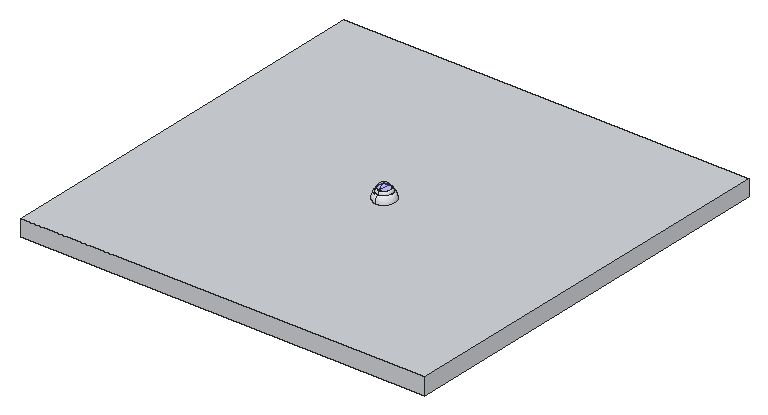
Revit family "BEG-92730", category Dispositifs d'éclairage, Revit 2015
Parameters
  Detection zone [instance] = yes
  Seat area [instance] = Height position < 351 cm  # yes
  URL = "http://www.luxomat.com/en-92730"
  Type of output = "DIM (50 ballast max)"
  Ambiant temperature = "-25°C to +50°C"
  Ref = "92730"
  Relay = "16A"
  Height position [instance] = 250 cm
  Direct Range [instance] = Height position * 3.2  # 800 cm
  Transversal range [instance] = Height position * 9.6  # 2400 cm
  Modèle = "PD4-TRIO-DIM-SM"
  Installation type = "Ceiling"
  Brand = "LUXOMAT"
  Image du type = 92730.jpg
  IP = "20"
  Mounting height max = Installation height max  # 350 cm
  Installation height max = 350 cm
  Fabricant = "B.E.G"
  Label [instance] = yes
  Default Elevation = 0 cm
  Consumption = "0,60W"
  Commentaires du type = "Occupancy detector PD4-TRIO-DIM-SM"
  Code d'assemblage = "D5010200"
  Class = "2"
  Switching power LED = "300W"
  Switching power Cos ɸ =1 = "3000W"
  Switching power Cos ɸ =0,5 = "1500VA"
  Power voltage = "110-240 V AC"
  Seated activity [instance] = Height position * 2.56  # 640 cm
Reference planes (cm)
  plane 1 "Centre (avant/arrière)": y = 0
  plane 2: z = 0
  plane 3 "Centre (gauche/droite)": x = 0
Forms (cm)
  Extrusion 1, solid
    sketch origin (0, 0, 0) x (1, 0, 0) y (0, 1, 0)
      loop
        line (-121.92, 121.92) -> (-121.92, -121.92) -> (121.92, -121.92) -> (121.92, 121.92) -> (-121.92, 121.92)
    from 0 to -10
Dimensions and locks (cm)
  aligned and locked: plane 2 to Extrusion 1
  aligned and locked: level to Extrusion 1
  aligned and locked: nested 2 to plane 2
Nested families (cm)
  nested 1: "Famille1" at (0, -72.6659, 0) x (-1, 0, 0) z (0, 0, 1), reference <- "Ref", modele <- "Modèle", visible <- "Label", type "Famille1"
    with reference "92730", modele "PD4-TRIO-DIM-SM"
  nested 2: "M17" at (0, 0, 0), type "Standard"
  nested 3: "zone H" at (0, 0, 0) x (-1, 0, 0) z (0, 0, 1), visible <- "Detection zone", biais <- "Transversal range", frontal <- "Direct Range", activité assise <- "Seated activity", Zone assise <- "Seat area", type "zone H"
    with position 2 320 cm, position 1 960 cm, frontal 800 cm, biais 2400 cm, activité assise 640 cm, Zone assise yes
  nested 4: "Plafond 360° 2D" at (0, 0, 0), type "Plafond 360° 2D"
Connectors (cm)
  electrical at (0, 0, 0)
    settings: on nested 2, index 1, voltage 240 V, apparent load 0 VA, apparent load phase1 0 VA, apparent load phase2 0 VA, apparent load phase3 0 VA, power factor 1, load classification "Eclairage", number of poles 1, system type 31, power factor state 1, is connector primary yes, connector utility no, sub classification motor no, connector description ""
Definition of nested family "M17"
  Reference planes (cm)
    plane 1 "Centre (avant/arrière)": y = 0
    plane 2: z = 0
    plane 3 "Centre (gauche/droite)": x = 0
    plane 4: x = 0
  Forms (cm)
    Revolve 1, solid
      sketch origin (0, 0, 0) x (0, -1, 0) y (0, 0, 1)
        loop
          line (0, 0) -> (0, 5.75) -> (-3.85, 5.75)
          arc (-3.85, 5.75) -> (-4.2917, 5.0342) -> (-4.4, 4.2) r 2
          line (-4.4, 4.2) -> (-5.05, 4.2)
          arc (-5.05, 4.2) -> (-6.0341, 2.212) -> (-6.2, 0) r 5.8
          line (-6.2, 0) -> (0, 0)
        axis (0, 0) -> (0, 5.75)
      angle from 0 to 360
    Revolve 2, solid
      sketch origin (0, 0, 0) x (0, -1, 0) y (0, 0, 1)
        loop
          arc (0, 8.5) -> (-2.2453, 7.7321) -> (-3.55, 5.75) r 3.6664
          line (-3.55, 5.75) -> (0, 5.75) -> (0, 8.5)
        axis (0, 5.75) -> (0, 8.5)
      angle from 0 to 360
  Lines and regions (cm)
    reference lines
      curve 1: line (0, 0, 0) -> (0, 0, 8.5)
      curve 2: line (0, 0, 5.75) -> (0, 3.85, 5.75)
      curve 3: arc (0, 3.85, 5.75) -> (0, 4.2917, 5.0342) -> (0, 4.4, 4.2) r 2
      curve 4: line (0, 4.4, 4.2) -> (0, 5.05, 4.2)
      curve 5: arc (0, 5.05, 4.2) -> (0, 6.0341, 2.212) -> (0, 6.2, 0) r 5.8
      curve 6: line (0, 0, 0) -> (0, 6.2, 0)
      curve 7: arc (0, 0, 8.5) -> (0, 2.2453, 7.7321) -> (0, 3.55, 5.75) r 3.6664
      curve 8: line (0, 3.55, 5.75) -> (0, 0, 5.75)
      curve 9: line (0, 0, 8.5) -> (0, 0, 5.75)
      curve 10: line (0, 0, 0) -> (0, 0, 8.5)
  Dimensions and locks (cm)
    aligned and locked: level to plane 2
    aligned and locked: Revolve 1 sketch curve to curve 1  (x2)
    aligned and locked: Revolve 1 sketch curve to curve 2
    aligned and locked: Revolve 1 sketch curve to curve 3
    aligned and locked: Revolve 1 sketch curve to curve 4
    aligned and locked: Revolve 1 sketch curve to curve 5
    aligned and locked: Revolve 1 sketch curve to curve 6
    aligned and locked: Revolve 2 sketch curve to curve 7
    aligned and locked: Revolve 2 sketch curve to curve 8
    aligned and locked: Revolve 2 sketch curve to curve 9
    aligned and locked: Revolve 2 sketch curve to curve 10
Definition of nested family "Famille1"
  Parameters (values of type "Famille1")
    reference [instance] = ""
    modele [instance] = ""
  Reference planes (cm)
    plane 1: y = 0
    plane 2: x = 0
  Text (cm)
    label "reference\n\nmodele" at (0.0074, 0.0451, 0), shows "reference", "modele"
Definition of nested family "zone H"
  Parameters (values of type "zone H")
    position 2 [instance] = (frontal / 2) * 0.8  # 320 cm
    position 1 [instance] = (biais / 2) * 0.8  # 960 cm
    frontal [instance] = 800 cm
    biais [instance] = 2400 cm
    activité assise [instance] = 640 cm
    Zone assise [instance] = yes
  Reference planes (cm)
    plane 1 "Centre (avant/arrière)": y = 0
    plane 2: z = 0
    plane 3 "Centre (gauche/droite)": x = 0
    plane 4: x = -960
    plane 5: y = -320
  Lines and regions (cm)
    detail lines, in view "Niveau de réf.", visible <- "Zone assise"
      curve 1: circle (0, 0, 0) r 320 normal (0, 0, 1)
      curve 4: spline (-105.2767, 3.2118, 0) -> (-104.9106, 3.0586, 0) -> (-103.8375, 2.9158, 0) -> (-102.1303, 2.7932, 0) -> (-99.9055, 2.6991, 0) -> (-97.3146, 2.6399, 0) -> (-94.5343, 2.6198, 0) -> (-91.7539, 2.6399, 0) -> (-89.163, 2.6991, 0) -> (-86.9382, 2.7932, 0) -> (-85.231, 2.9158, 0) -> (-84.1579, 3.0586, 0) -> (-83.7918, 3.2118, 0) -> (-84.1579, 3.365, 0) -> (-85.231, 3.5078, 0) -> (-86.9382, 3.6305, 0) -> (-89.163, 3.7245, 0) -> (-91.7539, 3.7837, 0) -> (-94.5343, 3.8039, 0) -> (-97.3146, 3.7837, 0) -> (-99.9055, 3.7245, 0) -> (-102.1303, 3.6305, 0) -> (-103.8375, 3.5078, 0) -> (-104.9106, 3.365, 0) -> (-105.2767, 3.2118, 0)
      curve 5: line (-105.2767, 3.2118, 0) -> (-103.7271, 3.5181, 0)
      curve 6: arc (-102.6495, -16.5888, 0) -> (-107.2915, -17.186, 0) -> (-111.6311, -18.9388, 0) r 18.3388
      curve 7: arc (-111.6311, -18.9388, 0) -> (-111.6982, -19.0046, 0) -> (-111.7229, -19.0953, 0) r 0.1799
      curve 8: arc (-102.4571, -17.1805, 0) -> (-106.7473, -17.5804, 0) -> (-110.8538, -18.8852, 0) r 20.1051
      curve 9: arc (-110.8538, -18.8852, 0) -> (-111.0396, -18.979, 0) -> (-111.2122, -19.0953, 0) r 1.6679
      curve 10: circle (-111.4676, -19.8292, 0) r 0.5096 normal (0, 0, 1)
      curve 11: arc (-110.898, -19.8292, 0) -> (-111.4676, -19.2597, 0) -> (-112.0372, -19.8292, 0) r 0.5696
      curve 12: arc (-110.838, -19.8292, 0) -> (-111.4676, -19.1997, 0) -> (-112.0972, -19.8292, 0) r 0.6296
      curve 13: arc (-86.4191, -16.5888, 0) -> (-81.7771, -17.186, 0) -> (-77.4374, -18.9388, 0) r 18.3388
      curve 14: arc (-77.4374, -18.9388, 0) -> (-77.3704, -19.0046, 0) -> (-77.3456, -19.0953, 0) r 0.1799
      curve 15: arc (-86.6114, -17.1805, 0) -> (-82.3212, -17.5804, 0) -> (-78.2147, -18.8852, 0) r 20.1051
      curve 16: arc (-78.2147, -18.8852, 0) -> (-78.0289, -18.979, 0) -> (-77.8563, -19.0953, 0) r 1.6679
      curve 17: circle (-77.6009, -19.8292, 0) r 0.5096 normal (0, 0, 1)
      curve 18: arc (-77.0314, -19.8292, 0) -> (-77.6009, -19.2597, 0) -> (-78.1705, -19.8292, 0) r 0.5696
      curve 19: arc (-76.9714, -19.8292, 0) -> (-77.6009, -19.1997, 0) -> (-78.2305, -19.8292, 0) r 0.6296
      curve 20: arc (-95.2593, -16.5888, 0) -> (-98.9871, -17.441, 0) -> (-102.5056, -18.9388, 0) r 21.5424
      curve 21: arc (-102.5056, -18.9388, 0) -> (-102.5726, -19.0046, 0) -> (-102.5974, -19.0953, 0) r 0.1799
      curve 22: arc (-95.2593, -17.1805, 0) -> (-98.5536, -17.8061, 0) -> (-101.7283, -18.8852, 0) r 23.9713
      curve 23: arc (-101.7283, -18.8852, 0) -> (-101.911, -18.9772, 0) -> (-102.081, -19.0909, 0) r 1.6679
      curve 24: arc (-95.0229, -17.1805, 0) -> (-98.2689, -17.8294, 0) -> (-101.4063, -18.8852, 0) r 26.0219
      curve 25: arc (-101.4063, -18.8852, 0) -> (-101.592, -18.979, 0) -> (-101.7647, -19.0953, 0) r 1.6679
      curve 26: circle (-102.181, -19.8292, 0) r 0.5096 normal (0, 0, 1)
      curve 27: arc (-101.6114, -19.8292, 0) -> (-102.181, -19.2597, 0) -> (-102.7506, -19.8292, 0) r 0.5696
      curve 28: arc (-101.5514, -19.8292, 0) -> (-102.181, -19.1997, 0) -> (-102.8106, -19.8292, 0) r 0.6296
      curve 29: arc (-93.8092, -16.5888, 0) -> (-90.0814, -17.441, 0) -> (-86.5629, -18.9388, 0) r 21.5424
      curve 30: arc (-86.5629, -18.9388, 0) -> (-86.4959, -19.0046, 0) -> (-86.4711, -19.0953, 0) r 0.1799
      curve 31: arc (-93.8092, -17.1805, 0) -> (-90.5149, -17.8061, 0) -> (-87.3402, -18.8852, 0) r 23.9713
      curve 32: arc (-87.3402, -18.8852, 0) -> (-87.1544, -18.979, 0) -> (-86.9818, -19.0953, 0) r 1.6679
      curve 33: arc (-94.0457, -17.1805, 0) -> (-90.7996, -17.8294, 0) -> (-87.6622, -18.8852, 0) r 26.0219
      curve 34: arc (-87.6622, -18.8852, 0) -> (-87.4765, -18.979, 0) -> (-87.3039, -19.0953, 0) r 1.6679
      curve 35: circle (-86.8875, -19.8292, 0) r 0.5096 normal (0, 0, 1)
      curve 36: arc (-86.3179, -19.8292, 0) -> (-86.8875, -19.2597, 0) -> (-87.4571, -19.8292, 0) r 0.5696
      curve 37: arc (-86.2579, -19.8292, 0) -> (-86.8875, -19.1997, 0) -> (-87.5171, -19.8292, 0) r 0.6296
      curve 38: arc (-103.0079, 8.8705, 0) -> (-101.8776, 5.8173, 0) -> (-98.8653, 4.5819, 0) r 4.0512
      curve 39: arc (-83.7186, 4.2269, 0) -> (-82.9538, 3.7817, 0) -> (-82.7946, 2.9112, 0) r 1.0582
      curve 40: arc (-82.7946, 2.9112, 0) -> (-84.0889, -6.227, 0) -> (-84.0703, -15.4564, 0) r 64.7189
      curve 41: arc (-84.0703, -15.4564, 0) -> (-83.933, -16.0031, 0) -> (-83.4527, -16.2981, 0) r 0.7467
      curve 42: arc (-83.4527, -16.2981, 0) -> (-80.3714, -16.8717, 0) -> (-77.238, -16.9405, 0) r 19.3577
      curve 43: arc (-77.238, -16.9405, 0) -> (-77.6363, -16.4391, 0) -> (-78.2461, -16.244, 0) r 1.1013
      curve 44: arc (-78.2461, -16.244, 0) -> (-80.4274, -15.8096, 0) -> (-82.5587, -15.1742, 0) r 23.8747
      curve 45: arc (-82.5587, -15.1742, 0) -> (-81.6045, -6.5488, 0) -> (-80.848, 2.0961, 0) r 379.1961
      curve 46: arc (-80.848, 2.0961, 0) -> (-81.0708, 4.8418, 0) -> (-83.0581, 6.7494, 0) r 3.8846
      curve 47: arc (-83.0581, 6.7494, 0) -> (-89.2141, 8.8147, 0) -> (-95.6542, 9.6431, 0) r 33.2193
      curve 48: arc (-95.6542, 9.6431, 0) -> (-94.8516, 17.305, 0) -> (-94.8609, 25.0089, 0) r 72.9952
      curve 49: arc (-95.1116, 28.28, 0) -> (-95.2196, 29.2958, 0) -> (-95.3418, 30.31, 0) r 72.9952
      curve 50: arc (-98.1747, 30.0752, 0) -> (-100.3426, 29.2913, 0) -> (-99.4886, 27.1501, 0) r 1.6042
      curve 51: arc (-95.3418, 30.31, 0) -> (-98.7298, 32.2574, 0) -> (-102.1179, 30.31, 0) r 3.9209
      curve 52: arc (-68.8418, 20.3177, 0) -> (-68.8537, 20.2265, 0) -> (-68.9411, 20.2549, 0) r 0.0597
      curve 53: arc (-70.9776, 20.5408, 0) -> (-70.9496, 20.3832, 0) -> (-71.1082, 20.3621, 0) r 0.1108
      curve 54: spline (-98.8908, 41.6409, 0) -> (-97.9793, 41.5103, 0) -> (-97.1229, 41.0855, 0) -> (-96.38, 40.3954, 0) -> (-95.8012, 39.4871, 0) -> (-95.426, 38.4224, 0) -> (-95.2799, 37.274, 0) -> (-95.3728, 36.12, 0) -> (-95.6985, 35.0392, 0) -> (-96.2348, 34.1051, 0) -> (-96.945, 33.3815, 0) -> (-97.7809, 32.9176, 0) -> (-98.6854, 32.7451, 0) -> (-99.5969, 32.8757, 0) -> (-100.4532, 33.3005, 0) -> (-101.1961, 33.9906, 0) -> (-101.7749, 34.8989, 0) -> (-102.1502, 35.9636, 0) -> (-102.2963, 37.112, 0) -> (-102.2033, 38.266, 0) -> (-101.8776, 39.3468, 0) -> (-101.3414, 40.2809, 0) -> (-100.6311, 41.0045, 0) -> (-99.7953, 41.4684, 0) -> (-98.8908, 41.6409, 0)
      curve 55: line (-74.1608, -20.3388, 0) -> (-33.3759, -20.3388, 0)
      curve 56: line (-33.3759, -20.3388, 0) -> (-33.3759, 18.6681, 0)
      curve 57: line (-33.3759, 18.6681, 0) -> (-74.1608, 18.6681, 0)
      curve 58: line (-74.1608, 18.6681, 0) -> (-74.1608, -20.3388, 0)
      curve 59: line (-74.1608, -20.3388, 0) -> (-120.7181, -20.3388, 0)
      curve 60: line (-80.1025, 18.6681, 0) -> (-27.4342, 18.6681, 0)
      curve 61: line (-27.4342, 18.6681, 0) -> (-27.4342, 20.1345, 0)
      curve 62: line (-27.4342, 20.1345, 0) -> (-80.1025, 20.1345, 0)
      curve 63: line (-80.1025, 20.1345, 0) -> (-80.1025, 18.6681, 0)
      curve 64: line (-95.5223, 2.6198, 0) -> (-93.5462, 2.6198, 0)
      curve 65: line (-93.5462, 2.6198, 0) -> (-93.5462, -16.5888, 0)
      curve 66: line (-93.5462, -16.5888, 0) -> (-95.5223, -16.5888, 0)
      curve 67: line (-95.5223, -16.5888, 0) -> (-95.5223, 2.6198, 0)
      curve 68: line (-95.5223, -16.5888, 0) -> (-102.6495, -16.5888, 0)
      curve 69: line (-111.7229, -19.0953, 0) -> (-111.2122, -19.0953, 0)
      curve 70: line (-93.8092, -16.5888, 0) -> (-94.0457, -17.1805, 0)
      curve 71: line (-94.0457, -17.1805, 0) -> (-93.8092, -17.1805, 0)
      curve 72: line (-93.8092, -17.1805, 0) -> (-94.5343, -17.1805, 0)
      curve 73: line (-94.5343, -17.1805, 0) -> (-95.2593, -17.1805, 0)
      curve 74: line (-95.2593, -17.1805, 0) -> (-95.0229, -17.1805, 0)
      curve 75: line (-95.0229, -17.1805, 0) -> (-95.2593, -16.5888, 0)
      curve 76: line (-98.1226, -17.1805, 0) -> (-102.4571, -17.1805, 0)
      curve 77: line (-112.0372, -19.8292, 0) -> (-112.0972, -19.8292, 0)
      curve 78: line (-110.898, -19.8292, 0) -> (-110.838, -19.8292, 0)
      curve 79: line (-111.3676, -19.2076, 0) -> (-111.3676, -19.0953, 0)
      curve 80: line (-111.5676, -19.2076, 0) -> (-111.5676, -19.0953, 0)
      curve 81: line (-93.5462, -16.5888, 0) -> (-86.4191, -16.5888, 0)
      curve 82: line (-77.3456, -19.0953, 0) -> (-77.8563, -19.0953, 0)
      curve 83: line (-90.9459, -17.1805, 0) -> (-86.6114, -17.1805, 0)
      curve 84: line (-77.0314, -19.8292, 0) -> (-76.9714, -19.8292, 0)
      curve 85: line (-78.1705, -19.8292, 0) -> (-78.2305, -19.8292, 0)
      curve 86: line (-77.7009, -19.2076, 0) -> (-77.7009, -19.0953, 0)
      curve 87: line (-77.5009, -19.2076, 0) -> (-77.5009, -19.0953, 0)
      curve 88: line (-102.5974, -19.0953, 0) -> (-101.7647, -19.0953, 0)
      curve 89: line (-102.7506, -19.8292, 0) -> (-102.8106, -19.8292, 0)
      curve 90: line (-101.6114, -19.8292, 0) -> (-101.5514, -19.8292, 0)
      curve 91: line (-102.081, -19.2076, 0) -> (-102.081, -19.0909, 0)
      curve 92: line (-102.281, -19.2076, 0) -> (-102.281, -19.0953, 0)
      curve 93: line (-86.4711, -19.0953, 0) -> (-87.3039, -19.0953, 0)
      curve 94: line (-86.3179, -19.8292, 0) -> (-86.2579, -19.8292, 0)
      curve 95: line (-87.4571, -19.8292, 0) -> (-87.5171, -19.8292, 0)
      curve 96: line (-86.9875, -19.2076, 0) -> (-86.9875, -19.0953, 0)
      curve 97: line (-86.7875, -19.2076, 0) -> (-86.7875, -19.0953, 0)
      curve 98: line (-98.8653, 4.5819, 0) -> (-83.7186, 4.2269, 0)
      curve 99: line (-103.0079, 8.8705, 0) -> (-102.1179, 30.31, 0)
      curve 100: line (-98.1747, 30.0752, 0) -> (-85.3255, 22.5448, 0)
      curve 101: line (-85.3255, 22.5448, 0) -> (-74.2929, 21.667, 0)
      curve 102: line (-74.2929, 21.667, 0) -> (-71.6033, 21.7219, 0)
      curve 103: line (-71.6033, 21.7219, 0) -> (-69.7371, 21.2829, 0)
      curve 104: line (-69.7371, 21.2829, 0) -> (-68.8418, 20.3177, 0)
      curve 105: line (-68.9411, 20.2549, 0) -> (-69.7808, 21.0896, 0)
      curve 106: line (-69.7808, 21.0896, 0) -> (-71.6115, 21.2989, 0)
      curve 107: line (-71.6115, 21.2989, 0) -> (-72.0159, 21.0248, 0)
      curve 108: line (-72.0159, 21.0248, 0) -> (-70.9776, 20.5408, 0)
      curve 109: line (-71.1082, 20.3621, 0) -> (-72.6656, 20.8949, 0)
      curve 110: line (-72.6656, 20.8949, 0) -> (-74.496, 20.6558, 0)
      curve 111: line (-74.496, 20.6558, 0) -> (-86.0144, 20.9158, 0)
      curve 112: line (-86.0144, 20.9158, 0) -> (-99.4886, 27.1501, 0)
      curve 113: line (-99.8644, 32.9741, 0) -> (-99.9944, 32.0479, 0)
      curve 114: line (-97.5142, 33.0301, 0) -> (-97.3718, 32.0147, 0)
      curve 115: line (-33.3759, -20.3388, 0) -> (-21.8014, -20.3388, 0)
    detail lines, in view "Niveau de réf."
      curve 2: circle (0, 0, 0) r 400 normal (0, 0, 1)
      curve 3: circle (0, 0, 0) r 1200 normal (0, 0, 1)
      curve 116: spline (2.3068, -347.7265, 0) -> (4.0856, -347.3949, 0) -> (5.7432, -346.4226, 0) -> (7.1667, -344.876, 0) -> (8.2589, -342.8603, 0) -> (8.9455, -340.5131, 0) -> (9.1797, -337.9942, 0) -> (8.9455, -335.4753, 0) -> (8.2589, -333.1281, 0) -> (7.1667, -331.1125, 0) -> (5.7432, -329.5658, 0) -> (4.0856, -328.5936, 0) -> (2.3068, -328.262, 0) -> (0.5279, -328.5936, 0) -> (-1.1297, -329.5658, 0) -> (-2.5531, -331.1125, 0) -> (-3.6453, -333.1281, 0) -> (-4.3319, -335.4753, 0) -> (-4.5661, -337.9942, 0) -> (-4.3319, -340.5131, 0) -> (-3.6453, -342.8603, 0) -> (-2.5531, -344.876, 0) -> (-1.1297, -346.4226, 0) -> (0.5279, -347.3949, 0) -> (2.3068, -347.7265, 0)
      curve 117: line (-4.7649, -335.0929, 0) -> (0.5136, -347.9212, 0)
      curve 118: line (3.5648, -348.0775, 0) -> (9.2455, -334.5266, 0)
      curve 119: line (-0.3759, -328.4588, 0) -> (-3.0011, -330.8806, 0)
      curve 120: line (3.5053, -348.5045, 0) -> (6.62, -348.3756, 0)
      curve 121: line (1.7304, -348.3525, 0) -> (3.5053, -348.5045, 0)
      curve 122: line (-4.7649, -335.0929, 0) -> (0.5136, -347.9212, 0)
      curve 123: line (-21.1936, -335.3894, 0) -> (-24.4202, -337.3623, 0)
      curve 124: line (-21.1936, -335.3894, 0) -> (-24.4202, -337.3623, 0)
      curve 125: line (-0.3759, -328.4588, 0) -> (-3.0011, -330.8806, 0)
      curve 126: line (1.7304, -348.3525, 0) -> (6.62, -348.3756, 0)
      curve 127: line (3.5648, -348.0775, 0) -> (9.2455, -334.5266, 0)
      curve 128: line (0, -320, 0) -> (0, -289.0788, 0)
      curve 129: line (0, -289.0788, 0) -> (0, -280.7814, 0)
      curve 130: spline (-957.6932, -27.7265, 0) -> (-955.9144, -27.3949, 0) -> (-954.2568, -26.4226, 0) -> (-952.8333, -24.876, 0) -> (-951.7411, -22.8603, 0) -> (-951.0545, -20.5131, 0) -> (-950.8203, -17.9942, 0) -> (-951.0545, -15.4753, 0) -> (-951.7411, -13.1281, 0) -> (-952.8333, -11.1125, 0) -> (-954.2568, -9.5658, 0) -> (-955.9144, -8.5936, 0) -> (-957.6932, -8.262, 0) -> (-959.4721, -8.5936, 0) -> (-961.1297, -9.5658, 0) -> (-962.5531, -11.1125, 0) -> (-963.6453, -13.1281, 0) -> (-964.3319, -15.4753, 0) -> (-964.5661, -17.9942, 0) -> (-964.3319, -20.5131, 0) -> (-963.6453, -22.8603, 0) -> (-962.5531, -24.876, 0) -> (-961.1297, -26.4226, 0) -> (-959.4721, -27.3949, 0) -> (-957.6932, -27.7265, 0)
      curve 131: line (-964.7649, -15.0929, 0) -> (-959.4864, -27.9212, 0)
      curve 132: line (-956.4352, -28.0775, 0) -> (-950.7545, -14.5266, 0)
      curve 133: line (-960.3759, -8.4588, 0) -> (-963.0011, -10.8806, 0)
      curve 134: line (-956.4947, -28.5045, 0) -> (-953.38, -28.3756, 0)
      curve 135: line (-958.2696, -28.3525, 0) -> (-956.4947, -28.5045, 0)
      curve 136: line (-964.7649, -15.0929, 0) -> (-959.4864, -27.9212, 0)
      curve 137: line (-981.1936, -15.3894, 0) -> (-984.4202, -17.3623, 0)
      curve 138: line (-981.1936, -15.3894, 0) -> (-984.4202, -17.3623, 0)
      curve 139: line (-960.3759, -8.4588, 0) -> (-963.0011, -10.8806, 0)
      curve 140: line (-958.2696, -28.3525, 0) -> (-953.38, -28.3756, 0)
      curve 141: line (-956.4352, -28.0775, 0) -> (-950.7545, -14.5266, 0)
      curve 142: line (-960, 0, 0) -> (-960, 30.9212, 0)
      curve 143: line (-960, 30.9212, 0) -> (-960, 39.2186, 0)
    detail lines, in view "Niveau de réf.", visible <- "Zone assise", not visible
      curve 144: spline (925.976, -22.5654, 0) -> (926.342, -22.7186, 0) -> (927.4152, -22.8614, 0) -> (929.1224, -22.984, 0) -> (931.3472, -23.0781, 0) -> (933.938, -23.1373, 0) -> (936.7184, -23.1574, 0) -> (939.4987, -23.1373, 0) -> (942.0896, -23.0781, 0) -> (944.3144, -22.984, 0) -> (946.0216, -22.8614, 0) -> (947.0948, -22.7186, 0) -> (947.4608, -22.5654, 0) -> (947.0948, -22.4122, 0) -> (946.0216, -22.2694, 0) -> (944.3144, -22.1467, 0) -> (942.0896, -22.0527, 0) -> (939.4987, -21.9935, 0) -> (936.7184, -21.9733, 0) -> (933.938, -21.9935, 0) -> (931.3472, -22.0527, 0) -> (929.1224, -22.1467, 0) -> (927.4152, -22.2694, 0) -> (926.342, -22.4122, 0) -> (925.976, -22.5654, 0)
      curve 145: line (925.976, -22.5654, 0) -> (927.5256, -22.2591, 0)
      curve 146: arc (928.6032, -42.366, 0) -> (923.9612, -42.9632, 0) -> (919.6215, -44.716, 0) r 18.3388
      curve 147: arc (919.6215, -44.716, 0) -> (919.5545, -44.7818, 0) -> (919.5297, -44.8725, 0) r 0.1799
      curve 148: arc (928.7956, -42.9577, 0) -> (924.5053, -43.3576, 0) -> (920.3988, -44.6624, 0) r 20.1051
      curve 149: arc (920.3988, -44.6624, 0) -> (920.213, -44.7562, 0) -> (920.0404, -44.8725, 0) r 1.6679
      curve 150: circle (919.7851, -45.6065, 0) r 0.5096 normal (0, 0, 1)
      curve 151: arc (920.3547, -45.6065, 0) -> (919.7851, -45.0369, 0) -> (919.2155, -45.6065, 0) r 0.5696
      curve 152: arc (920.4147, -45.6065, 0) -> (919.7851, -44.9769, 0) -> (919.1555, -45.6065, 0) r 0.6296
      curve 153: arc (944.8336, -42.366, 0) -> (949.4756, -42.9632, 0) -> (953.8152, -44.716, 0) r 18.3388
      curve 154: arc (953.8152, -44.716, 0) -> (953.8823, -44.7818, 0) -> (953.907, -44.8725, 0) r 0.1799
      curve 155: arc (944.6412, -42.9577, 0) -> (948.9315, -43.3576, 0) -> (953.038, -44.6624, 0) r 20.1051
      curve 156: arc (953.038, -44.6624, 0) -> (953.2237, -44.7562, 0) -> (953.3964, -44.8725, 0) r 1.6679
      curve 157: circle (953.6517, -45.6065, 0) r 0.5096 normal (0, 0, 1)
      curve 158: arc (954.2213, -45.6065, 0) -> (953.6517, -45.0369, 0) -> (953.0821, -45.6065, 0) r 0.5696
      curve 159: arc (954.2813, -45.6065, 0) -> (953.6517, -44.9769, 0) -> (953.0221, -45.6065, 0) r 0.6296
      curve 160: arc (935.9933, -42.366, 0) -> (932.2655, -43.2182, 0) -> (928.7471, -44.716, 0) r 21.5424
      curve 161: arc (928.7471, -44.716, 0) -> (928.68, -44.7818, 0) -> (928.6553, -44.8725, 0) r 0.1799
      curve 162: arc (935.9933, -42.9577, 0) -> (932.6991, -43.5833, 0) -> (929.5243, -44.6624, 0) r 23.9713
      curve 163: arc (929.5243, -44.6624, 0) -> (929.3417, -44.7544, 0) -> (929.1716, -44.8681, 0) r 1.6679
      curve 164: arc (936.2298, -42.9577, 0) -> (932.9838, -43.6066, 0) -> (929.8464, -44.6624, 0) r 26.0219
      curve 165: arc (929.8464, -44.6624, 0) -> (929.6606, -44.7562, 0) -> (929.488, -44.8725, 0) r 1.6679
      curve 166: circle (929.0716, -45.6065, 0) r 0.5096 normal (0, 0, 1)
      curve 167: arc (929.6412, -45.6065, 0) -> (929.0716, -45.0369, 0) -> (928.502, -45.6065, 0) r 0.5696
      curve 168: arc (929.7012, -45.6065, 0) -> (929.0716, -44.9769, 0) -> (928.442, -45.6065, 0) r 0.6296
      curve 169: arc (937.4435, -42.366, 0) -> (941.1713, -43.2182, 0) -> (944.6897, -44.716, 0) r 21.5424
      curve 170: arc (944.6897, -44.716, 0) -> (944.7568, -44.7818, 0) -> (944.7815, -44.8725, 0) r 0.1799
      curve 171: arc (937.4435, -42.9577, 0) -> (940.7377, -43.5833, 0) -> (943.9124, -44.6624, 0) r 23.9713
      curve 172: arc (943.9124, -44.6624, 0) -> (944.0982, -44.7562, 0) -> (944.2708, -44.8725, 0) r 1.6679
      curve 173: arc (937.207, -42.9577, 0) -> (940.453, -43.6066, 0) -> (943.5904, -44.6624, 0) r 26.0219
      curve 174: arc (943.5904, -44.6624, 0) -> (943.7762, -44.7562, 0) -> (943.9488, -44.8725, 0) r 1.6679
      curve 175: circle (944.3651, -45.6065, 0) r 0.5096 normal (0, 0, 1)
      curve 176: arc (944.9347, -45.6065, 0) -> (944.3651, -45.0369, 0) -> (943.7956, -45.6065, 0) r 0.5696
      curve 177: arc (944.9947, -45.6065, 0) -> (944.3651, -44.9769, 0) -> (943.7356, -45.6065, 0) r 0.6296
      curve 178: arc (928.2447, -16.9067, 0) -> (929.3751, -19.9599, 0) -> (932.3873, -21.1953, 0) r 4.0512
      curve 179: arc (947.5341, -21.5503, 0) -> (948.2989, -21.9955, 0) -> (948.4581, -22.866, 0) r 1.0582
      curve 180: arc (948.4581, -22.866, 0) -> (947.1637, -32.0042, 0) -> (947.1824, -41.2336, 0) r 64.7189
      curve 181: arc (947.1824, -41.2336, 0) -> (947.3196, -41.7803, 0) -> (947.8, -42.0753, 0) r 0.7467
      curve 182: arc (947.8, -42.0753, 0) -> (950.8812, -42.6489, 0) -> (954.0146, -42.7177, 0) r 19.3577
      curve 183: arc (954.0146, -42.7177, 0) -> (953.6164, -42.2163, 0) -> (953.0065, -42.0212, 0) r 1.1013
      curve 184: arc (953.0065, -42.0212, 0) -> (950.8253, -41.5868, 0) -> (948.6939, -40.9514, 0) r 23.8747
      curve 185: arc (948.6939, -40.9514, 0) -> (949.6481, -32.326, 0) -> (950.4047, -23.6811, 0) r 379.1961
      curve 186: arc (950.4047, -23.6811, 0) -> (950.1819, -20.9354, 0) -> (948.1945, -19.0278, 0) r 3.8846
      curve 187: arc (948.1945, -19.0278, 0) -> (942.0386, -16.9625, 0) -> (935.5985, -16.1341, 0) r 33.2193
      curve 188: arc (935.5985, -16.1341, 0) -> (936.4011, -8.4722, 0) -> (936.3918, -0.7683, 0) r 72.9952
      curve 189: arc (936.1411, 2.5028, 0) -> (936.0331, 3.5186, 0) -> (935.9108, 4.5328, 0) r 72.9952
      curve 190: arc (933.0779, 4.298, 0) -> (930.9101, 3.5141, 0) -> (931.7641, 1.3729, 0) r 1.6042
      curve 191: arc (935.9108, 4.5328, 0) -> (932.5228, 6.4802, 0) -> (929.1348, 4.5328, 0) r 3.9209
      curve 192: arc (962.4108, -5.4595, 0) -> (962.3989, -5.5507, 0) -> (962.3115, -5.5223, 0) r 0.0597
      curve 193: arc (960.275, -5.2364, 0) -> (960.303, -5.394, 0) -> (960.1444, -5.4151, 0) r 0.1108
      curve 194: spline (932.3619, 15.8637, 0) -> (933.2734, 15.7331, 0) -> (934.1297, 15.3083, 0) -> (934.8726, 14.6182, 0) -> (935.4514, 13.7099, 0) -> (935.8267, 12.6452, 0) -> (935.9728, 11.4968, 0) -> (935.8798, 10.3428, 0) -> (935.5541, 9.262, 0) -> (935.0179, 8.3279, 0) -> (934.3076, 7.6043, 0) -> (933.4718, 7.1404, 0) -> (932.5673, 6.9679, 0) -> (931.6558, 7.0985, 0) -> (930.7994, 7.5233, 0) -> (930.0565, 8.2134, 0) -> (929.4777, 9.1217, 0) -> (929.1025, 10.1864, 0) -> (928.9564, 11.3348, 0) -> (929.0493, 12.4888, 0) -> (929.375, 13.5696, 0) -> (929.9113, 14.5037, 0) -> (930.6215, 15.2273, 0) -> (931.4574, 15.6912, 0) -> (932.3619, 15.8637, 0)
      curve 195: line (957.0918, -46.116, 0) -> (997.8768, -46.116, 0)
      curve 196: line (997.8768, -46.116, 0) -> (997.8768, -7.1091, 0)
      curve 197: line (997.8768, -7.1091, 0) -> (957.0918, -7.1091, 0)
      curve 198: line (957.0918, -7.1091, 0) -> (957.0918, -46.116, 0)
      curve 199: line (957.0918, -46.116, 0) -> (910.5345, -46.116, 0)
      curve 200: line (951.1501, -7.1091, 0) -> (1003.8185, -7.1091, 0)
      curve 201: line (1003.8185, -7.1091, 0) -> (1003.8185, -5.6427, 0)
      curve 202: line (1003.8185, -5.6427, 0) -> (951.1501, -5.6427, 0)
      curve 203: line (951.1501, -5.6427, 0) -> (951.1501, -7.1091, 0)
      curve 204: line (935.7304, -23.1574, 0) -> (937.7064, -23.1574, 0)
      curve 205: line (937.7064, -23.1574, 0) -> (937.7064, -42.366, 0)
      curve 206: line (937.7064, -42.366, 0) -> (935.7304, -42.366, 0)
      curve 207: line (935.7304, -42.366, 0) -> (935.7304, -23.1574, 0)
      curve 208: line (935.7304, -42.366, 0) -> (928.6032, -42.366, 0)
      curve 209: line (919.5297, -44.8725, 0) -> (920.0404, -44.8725, 0)
      curve 210: line (937.4435, -42.366, 0) -> (937.207, -42.9577, 0)
      curve 211: line (937.207, -42.9577, 0) -> (937.4435, -42.9577, 0)
      curve 212: line (937.4435, -42.9577, 0) -> (936.7184, -42.9577, 0)
      curve 213: line (936.7184, -42.9577, 0) -> (935.9933, -42.9577, 0)
      curve 214: line (935.9933, -42.9577, 0) -> (936.2298, -42.9577, 0)
      curve 215: line (936.2298, -42.9577, 0) -> (935.9933, -42.366, 0)
      curve 216: line (933.13, -42.9577, 0) -> (928.7956, -42.9577, 0)
      curve 217: line (919.2155, -45.6065, 0) -> (919.1555, -45.6065, 0)
      curve 218: line (920.3547, -45.6065, 0) -> (920.4147, -45.6065, 0)
      curve 219: line (919.8851, -44.9848, 0) -> (919.8851, -44.8725, 0)
      curve 220: line (919.6851, -44.9848, 0) -> (919.6851, -44.8725, 0)
      curve 221: line (937.7064, -42.366, 0) -> (944.8336, -42.366, 0)
      curve 222: line (953.907, -44.8725, 0) -> (953.3964, -44.8725, 0)
      curve 223: line (940.3068, -42.9577, 0) -> (944.6412, -42.9577, 0)
      curve 224: line (954.2213, -45.6065, 0) -> (954.2813, -45.6065, 0)
      curve 225: line (953.0821, -45.6065, 0) -> (953.0221, -45.6065, 0)
      curve 226: line (953.5517, -44.9848, 0) -> (953.5517, -44.8725, 0)
      curve 227: line (953.7517, -44.9848, 0) -> (953.7517, -44.8725, 0)
      curve 228: line (928.6553, -44.8725, 0) -> (929.488, -44.8725, 0)
      curve 229: line (928.502, -45.6065, 0) -> (928.442, -45.6065, 0)
      curve 230: line (929.6412, -45.6065, 0) -> (929.7012, -45.6065, 0)
      curve 231: line (929.1716, -44.9848, 0) -> (929.1716, -44.8681, 0)
      curve 232: line (928.9716, -44.9848, 0) -> (928.9716, -44.8725, 0)
      curve 233: line (944.7815, -44.8725, 0) -> (943.9488, -44.8725, 0)
      curve 234: line (944.9347, -45.6065, 0) -> (944.9947, -45.6065, 0)
      curve 235: line (943.7956, -45.6065, 0) -> (943.7356, -45.6065, 0)
      curve 236: line (944.2651, -44.9848, 0) -> (944.2651, -44.8725, 0)
      curve 237: line (944.4651, -44.9848, 0) -> (944.4651, -44.8725, 0)
      curve 238: line (932.3873, -21.1953, 0) -> (947.5341, -21.5503, 0)
      curve 239: line (928.2447, -16.9067, 0) -> (929.1348, 4.5328, 0)
      curve 240: line (933.0779, 4.298, 0) -> (945.9271, -3.2324, 0)
      curve 241: line (945.9271, -3.2324, 0) -> (956.9598, -4.1102, 0)
      curve 242: line (956.9598, -4.1102, 0) -> (959.6493, -4.0553, 0)
      curve 243: line (959.6493, -4.0553, 0) -> (961.5155, -4.4943, 0)
      curve 244: line (961.5155, -4.4943, 0) -> (962.4108, -5.4595, 0)
      curve 245: line (962.3115, -5.5223, 0) -> (961.4719, -4.6876, 0)
      curve 246: line (961.4719, -4.6876, 0) -> (959.6412, -4.4783, 0)
      curve 247: line (959.6412, -4.4783, 0) -> (959.2367, -4.7524, 0)
      curve 248: line (959.2367, -4.7524, 0) -> (960.275, -5.2364, 0)
      curve 249: line (960.1444, -5.4151, 0) -> (958.5871, -4.8823, 0)
      curve 250: line (958.5871, -4.8823, 0) -> (956.7566, -5.1214, 0)
      curve 251: line (956.7566, -5.1214, 0) -> (945.2383, -4.8614, 0)
      curve 252: line (945.2383, -4.8614, 0) -> (931.7641, 1.3729, 0)
      curve 253: line (931.3882, 7.1969, 0) -> (931.2583, 6.2707, 0)
      curve 254: line (933.7384, 7.2529, 0) -> (933.8809, 6.2375, 0)
      curve 255: line (997.8768, -46.116, 0) -> (1009.4512, -46.116, 0)
    detail lines, in view "Niveau de réf.", not visible
      curve 256: spline (630.3724, -48.277, 0) -> (632.1512, -47.9453, 0) -> (633.8088, -46.9731, 0) -> (635.2323, -45.4264, 0) -> (636.3245, -43.4108, 0) -> (637.0111, -41.0636, 0) -> (637.2453, -38.5447, 0) -> (637.0111, -36.0258, 0) -> (636.3245, -33.6786, 0) -> (635.2323, -31.663, 0) -> (633.8088, -30.1163, 0) -> (632.1512, -29.1441, 0) -> (630.3724, -28.8124, 0) -> (628.5935, -29.1441, 0) -> (626.9359, -30.1163, 0) -> (625.5125, -31.663, 0) -> (624.4202, -33.6786, 0) -> (623.7336, -36.0258, 0) -> (623.4995, -38.5447, 0) -> (623.7336, -41.0636, 0) -> (624.4202, -43.4108, 0) -> (625.5125, -45.4264, 0) -> (626.9359, -46.9731, 0) -> (628.5935, -47.9453, 0) -> (630.3724, -48.277, 0)
      curve 257: line (623.3007, -35.6434, 0) -> (628.5792, -48.4717, 0)
      curve 258: line (631.6303, -48.628, 0) -> (637.311, -35.0771, 0)
      curve 259: line (627.6897, -29.0093, 0) -> (625.0645, -31.4311, 0)
      curve 260: line (631.5709, -49.055, 0) -> (634.6856, -48.9261, 0)
      curve 261: line (629.7959, -48.903, 0) -> (631.5709, -49.055, 0)
      curve 262: line (623.3007, -35.6434, 0) -> (628.5792, -48.4717, 0)
      curve 263: line (606.872, -35.9399, 0) -> (603.6454, -37.9127, 0)
      curve 264: line (606.872, -35.9399, 0) -> (603.6454, -37.9127, 0)
      curve 265: line (627.6897, -29.0093, 0) -> (625.0645, -31.4311, 0)
      curve 266: line (629.7959, -48.903, 0) -> (634.6856, -48.9261, 0)
      curve 267: line (631.6303, -48.628, 0) -> (637.311, -35.0771, 0)
      curve 268: line (628.0656, -20.5505, 0) -> (628.0656, 10.3707, 0)
      curve 269: line (628.0656, 10.3707, 0) -> (628.0656, 18.6681, 0)
      curve 270: spline (1030.3724, -260.777, 0) -> (1032.1512, -260.4453, 0) -> (1033.8088, -259.4731, 0) -> (1035.2323, -257.9264, 0) -> (1036.3245, -255.9108, 0) -> (1037.0111, -253.5636, 0) -> (1037.2453, -251.0447, 0) -> (1037.0111, -248.5258, 0) -> (1036.3245, -246.1786, 0) -> (1035.2323, -244.163, 0) -> (1033.8088, -242.6163, 0) -> (1032.1512, -241.6441, 0) -> (1030.3724, -241.3124, 0) -> (1028.5935, -241.6441, 0) -> (1026.9359, -242.6163, 0) -> (1025.5125, -244.163, 0) -> (1024.4202, -246.1786, 0) -> (1023.7336, -248.5258, 0) -> (1023.4995, -251.0447, 0) -> (1023.7336, -253.5636, 0) -> (1024.4202, -255.9108, 0) -> (1025.5125, -257.9264, 0) -> (1026.9359, -259.4731, 0) -> (1028.5935, -260.4453, 0) -> (1030.3724, -260.777, 0)
      curve 271: line (1023.3007, -248.1434, 0) -> (1028.5792, -260.9717, 0)
      curve 272: line (1031.6303, -261.128, 0) -> (1037.311, -247.5771, 0)
      curve 273: line (1027.6897, -241.5093, 0) -> (1025.0645, -243.9311, 0)
      curve 274: line (1031.5709, -261.555, 0) -> (1034.6856, -261.4261, 0)
      curve 275: line (1029.7959, -261.403, 0) -> (1031.5709, -261.555, 0)
      curve 276: line (1023.3007, -248.1434, 0) -> (1028.5792, -260.9717, 0)
      curve 277: line (1006.872, -248.4399, 0) -> (1003.6454, -250.4127, 0)
      curve 278: line (1006.872, -248.4399, 0) -> (1003.6454, -250.4127, 0)
      curve 279: line (1027.6897, -241.5093, 0) -> (1025.0645, -243.9311, 0)
      curve 280: line (1029.7959, -261.403, 0) -> (1034.6856, -261.4261, 0)
      curve 281: line (1031.6303, -261.128, 0) -> (1037.311, -247.5771, 0)
      curve 282: line (1028.0656, -233.0505, 0) -> (1028.0656, -202.1293, 0)
      curve 283: line (1028.0656, -202.1293, 0) -> (1028.0656, -193.8319, 0)
  Text (cm)
    text "2" at (0.4332, -361.3743, 0), in view "Niveau de réf."
    text "1" at (-959.5668, -41.3743, 0), in view "Niveau de réf."
    text "1" at (628.4988, -61.9248, 0), in view "Niveau de réf.", not visible
    text "2" at (1028.4988, -274.4248, 0), in view "Niveau de réf.", not visible
  Dimensions and locks (cm)
    "position 1": plane 4 to plane 3 "Centre (gauche/droite)"
    "position 2": plane 5 to plane 1 "Centre (avant/arrière)"
    "activité assise": diameter of curve 1
    "biais": diameter of curve 3
    "frontal": diameter of curve 2
    aligned and locked: curve 142 to plane 1 "Centre (avant/arrière)"
    aligned and locked: curve 128 to plane 3 "Centre (gauche/droite)"
    aligned and locked: plane 4 to curve 142
    aligned and locked: plane 5 to curve 128
  Automatic sketch dimensions
    curve 1 to curve 2 = 0 cm  (x2)
    curve 1 to curve 3 = 0 cm  (x2)
    curve 2 to curve 3 = 0 cm  (x2)
    plane 1 "Centre (avant/arrière)" to curve 2 = 0 cm
    curve 2 to plane 3 "Centre (gauche/droite)" = 0 cm
Definition of nested family "Plafond 360° 2D"
  Reference planes (cm)
    plane 1: y = 0
    plane 2: x = 0
  Lines and regions (cm)
    Filled region 1, type "rouge"
      outline origin (0, 0, 0) x (1, 0, 0) y (0, 1, 0)
        loop
          circle (0, 0) r 0.0294
    detail lines
      curve 1: arc (-0.1732, 0.1, 0) -> (-0.2, 0, 0) -> (-0.1732, -0.1, 0) r 0.2
      curve 2: arc (-0.1, -0.1732, 0) -> (0, -0.2, 0) -> (0.1, -0.1732, 0) r 0.2
      curve 3: arc (0.1732, -0.1, 0) -> (0.2, 0, 0) -> (0.1732, 0.1, 0) r 0.2
      curve 4: arc (0.1, 0.1732, 0) -> (0, 0.2, 0) -> (-0.1, 0.1732, 0) r 0.2
      curve 5: arc (-0.1375, 0.0794, 0) -> (-0.1588, 0, 0) -> (-0.1375, -0.0794, 0) r 0.1588
      curve 6: arc (-0.0794, -0.1375, 0) -> (0, -0.1588, 0) -> (0.0794, -0.1375, 0) r 0.1588
      curve 7: arc (0.1375, -0.0794, 0) -> (0.1588, 0, 0) -> (0.1375, 0.0794, 0) r 0.1588
      curve 8: arc (0.0794, 0.1375, 0) -> (0, 0.1588, 0) -> (-0.0794, 0.1375, 0) r 0.1588
      curve 9: arc (-0.1019, 0.0588, 0) -> (-0.1176, 0, 0) -> (-0.1019, -0.0588, 0) r 0.1176
      curve 10: arc (-0.0588, -0.1019, 0) -> (0, -0.1176, 0) -> (0.0588, -0.1019, 0) r 0.1176
      curve 11: arc (0.1019, -0.0588, 0) -> (0.1176, 0, 0) -> (0.1019, 0.0588, 0) r 0.1176
      curve 12: arc (0.0588, 0.1019, 0) -> (0, 0.1176, 0) -> (-0.0588, 0.1019, 0) r 0.1176
      curve 13: arc (-0.0294, 0, 0) -> (0, -0.0294, 0) -> (0.0294, 0, 0) r 0.0294
      curve 14: arc (0.0294, 0, 0) -> (0, 0.0294, 0) -> (-0.0294, 0, 0) r 0.0294
